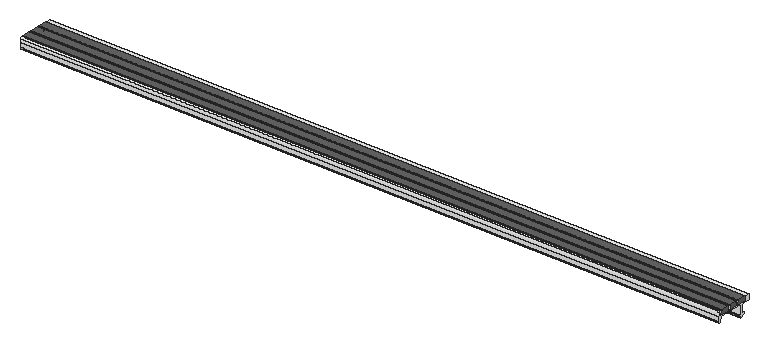
Revit family "Stair_Tread-Wooster-Supergrit_Safety_Treads-121_121BF", category Specialty Equipment, host Face, Revit 2017
Family settings
  Host = Face
  Round Connector Dimension = Use Diameter
  Part Type = Normal
  OmniClass Number = 23.30.70.21.11.11.11
  OmniClass Title = Stair Nosings
  Cut with Voids When Loaded = No
  Shared = No
  Room Calculation Point = No
Parameters (values of type "121BF")
  Width [instance] = 0' - 1 7/8"  # constant formula
  Version = "2017 - v2.0a"  # constant formula
  URL = "http://www.wooster-products.com/"
  Support Phone = "(224) 699-9545"  # constant formula
  Support Email = "mailto:support@anguleris.com"
  Safety Tread [instance] = Filler - Wooster - Black - Abrasive Filler
  Product Page URL = "http://www.woosterproducts.com/products/extruded-aluminum/supergrit/"
  Product Name = "Supergrit Nosings / Warning Strips"  # constant formula
  Product Documentation Link = "http://www.woosterproducts.com/spec/121BF.pdf"
  New Construction = yes
  Model = "121BF"
  Material = ""
  Manufacturer Phone Number = "1-800-321-4936 or 330-264-2844"  # constant formula
  Manufacturer Fax Number = "330-262-4151"  # constant formula
  Manufacturer Email = "mailto:tim@wooster-products.com"
  Manufacturer Address = "1000 Spruce Street, P.O. BOX 6005, Wooster, OH. 44691"  # constant formula
  Manufacturer = "Wooster Productions Inc"  # constant formula
  Length Constraint [instance] = if(Length > 12' 0", 12' 0", Length)  # 3' - 0"
  Length [instance] = 3' - 0"
  Existing Construction = not(New Construction)  # no
  Description = "Anti-Slip Stair Nosing"  # constant formula
  Depth = 0' - 0 1/4"  # constant formula
  Default Elevation = 0' - 0"  # constant formula
  Copyright = "Wooster Products Inc. 2019"  # constant formula
Types (3): name | Product Documentation Link | New Construction | Model | Existing Construction
  (no name) | "http://wooster-products.com/pub/Specs/121.pdf" | no | "121" | yes
  121BF | "http://www.woosterproducts.com/spec/121BF.pdf" | yes | "121BF" | no
  121 | "http://www.woosterproducts.com/spec/121.pdf" | no | "121" | yes
Values of the unnamed type that differ from the named types
  Support Email = ""
  Product Page URL = "http://www.wooster-products.com/Supergrit_Safety_Treads.html"
  Manufacturer Email = ""
Reference planes (in)
  plane 1 "Center (Front/Back)": y = 0
  plane 2: z = 0
  plane 3 "Center (Left/Right)": x = 0
  plane 4 "Left": x = -18
  plane 5 "Right": x = 18
  plane 6 "Back": y = 0.9375
  plane 7 "Front": y = -0.9375
  plane 8 "Bottom": z = -0.23438
  plane 9: z = 0.01562
Forms (in)
  Sweep 1, void
    path origin (0, 22.2862, 0.01562) x (0, 1, 0) y (-1, 0, 0)
      loop
        line (-21.3487, -18) -> (-21.3487, 18)
    profile "Void : Void" origin (0, 0.9375, 0.01562) x (0, -1, 0) y (0, 0, 1)
      loop
        line (0, 0) -> (0, -0.24999) -> (1.70752, -0.24999)
        arc (1.70752, -0.24999) -> (1.75148, -0.26556) -> (1.77593, -0.30527) r 0.07006
        line (1.77593, -0.30527) -> (1.81581, -0.4908) -> (1.87865, -0.4908) -> (1.87865, 0) -> (0, 0)
  Sweep 2, solid, material "Filler - Wooster - Black - Abrasive Filler" <- "Safety Tread"
    path origin (0, 22.2862, 0.01562) x (0, 1, 0) y (-1, 0, 0)
      loop
        line (-21.3487, -18) -> (-21.3487, 18)
    profile "Abrasive Filler : Abrasive Filler" origin (0, 0.9375, 0.01562) x (0, -1, 0) y (0, 0, 1)
      loop
        line (1.28078, -0.18749) -> (1.75378, -0.18749) -> (1.71796, 0.03125) -> (1.31197, 0.03125) -> (1.31197, 0) -> (1.28078, -0.18749)
      loop
        line (0.78098, 0) -> (0.74979, -0.18749) -> (1.21828, -0.18749) -> (1.18697, 0) -> (1.18697, 0.03125) -> (0.78098, 0.03125) -> (0.78098, 0)
      loop
        line (0.21879, -0.18749) -> (0.68729, -0.18749) -> (0.65598, 0) -> (0.65598, 0.03125) -> (0.24998, 0.03125) -> (0.24998, 0) -> (0.21879, -0.18749)
  Sweep 3, solid, material "Metal - Wooster - Extruded Aluminum", visible <- "New Construction"
    path origin (0, 22.2862, 0.01562) x (0, 1, 0) y (-1, 0, 0)
      loop
        line (-21.3487, -18) -> (-21.3487, 18)
    profile "121BF Aluminum Base : 121BF Aluminum Base" origin (0, 0.9375, 0.01562) x (0, -1, 0) y (0, 0, 1)
      loop
        line (0, 0) -> (0, -0.25069) -> (0.35907, -0.25069)
        arc (0.35907, -0.25069) -> (0.40325, -0.269) -> (0.42155, -0.31318) r 0.06248
        line (0.42155, -0.31318) -> (0.42155, -0.77037) -> (0.29956, -0.67283) -> (0.29956, -0.75299) -> (0.45289, -0.87576) -> (0.60905, -0.74675) -> (0.60905, -0.67045) -> (0.48405, -0.77038) -> (0.48405, -0.3132)
        arc (0.48405, -0.3132) -> (0.50236, -0.269) -> (0.54656, -0.25069) r 0.06251
        line (0.54656, -0.25069) -> (1.71736, -0.25069)
        arc (1.71736, -0.25069) -> (1.75521, -0.26879) -> (1.77593, -0.30527) r 0.07006
        line (1.77593, -0.30527) -> (1.80877, -0.45805)
        arc (1.80877, -0.45805) -> (1.84576, -0.4908) -> (1.87865, -0.45393) r 0.035
        line (1.87865, -0.45393) -> (1.87865, -0.24041)
        arc (1.87865, -0.24041) -> (1.86377, -0.13454) -> (1.83106, -0.03275) r 0.6247
        arc (1.83106, -0.03275) -> (1.78398, 0.00806) -> (1.72508, -0.01226) r 0.06235
        line (1.72508, -0.01226) -> (1.75378, -0.18749) -> (1.28078, -0.18749) -> (1.31197, 0) -> (1.18697, 0) -> (1.21828, -0.18749) -> (0.74979, -0.18749) -> (0.78098, 0) -> (0.65598, 0) -> (0.68729, -0.18749) -> (0.21879, -0.18749) -> (0.24998, 0) -> (0, 0)
  Sweep 4, solid, material "Metal - Wooster - Extruded Aluminum", visible <- "Existing Construction"
    path origin (0, 22.2862, 0.01562) x (0, 1, 0) y (-1, 0, 0)
      loop
        line (-21.3487, -18) -> (-21.3487, 18)
    profile "121 Aluminum Base : 121 Aluminum Base" origin (0, 0.9375, 0.01562) x (0, -1, 0) y (0, 0, 1)
      loop
        line (0, 0) -> (0, -0.24999) -> (1.70752, -0.24999)
        arc (1.70752, -0.24999) -> (1.75148, -0.26556) -> (1.77593, -0.30527) r 0.07006
        line (1.77593, -0.30527) -> (1.80877, -0.45805)
        arc (1.80877, -0.45805) -> (1.84576, -0.4908) -> (1.87865, -0.45393) r 0.035
        line (1.87865, -0.45393) -> (1.87865, -0.24041)
        arc (1.87865, -0.24041) -> (1.86377, -0.13454) -> (1.83106, -0.03275) r 0.6247
        arc (1.83106, -0.03275) -> (1.78398, 0.00806) -> (1.72508, -0.01226) r 0.06235
        line (1.72508, -0.01226) -> (1.75378, -0.18749) -> (1.28078, -0.18749) -> (1.31197, 0) -> (1.18697, 0) -> (1.21828, -0.18749) -> (0.74979, -0.18749) -> (0.78098, 0) -> (0.65598, 0) -> (0.68729, -0.18749) -> (0.21879, -0.18749) -> (0.24998, 0) -> (0, 0)
Lines and regions (in)
  Masking region 1
    outline origin (0, 0, 0) x (1, 0, 0) y (0, 1, 0)
      loop
        line (-18, 0.9375) -> (-18, -0.9375) -> (18, -0.9375) -> (18, 0.9375) -> (-18, 0.9375)
Dimensions and locks (in)
  equal spacing: plane 4 "Left", plane 3 "Center (Left/Right)", plane 5 "Right"
  "Length Constraint": plane 4 "Left" to plane 5 "Right"
  equal spacing: plane 7 "Front", plane 1 "Center (Front/Back)", plane 6 "Back"
  "Width": plane 7 "Front" to plane 6 "Back"
  "Depth": plane 9 to plane 8 "Bottom"
  locked: plane 2 to plane 8 "Bottom" at 0.23438
  aligned and locked: plane 2 to host face
  aligned and locked: level to host face
  aligned and locked: plane 4 "Left" to Sweep 1 sketch curve
  aligned and locked: plane 6 "Back" to Sweep 1 sketch curve
  aligned and locked: plane 5 "Right" to Sweep 1 sketch curve
  aligned and locked: plane 4 "Left" to Sweep 2 sketch curve
  aligned and locked: plane 6 "Back" to Sweep 2 sketch curve
  aligned and locked: plane 5 "Right" to Sweep 2 sketch curve
  aligned and locked: plane 5 "Right" to Sweep 3 sketch curve
  aligned and locked: plane 4 "Left" to Sweep 3 sketch curve
  aligned and locked: plane 6 "Back" to Sweep 3 sketch curve
  aligned and locked: plane 6 "Back" to Sweep 4 sketch curve
  aligned and locked: plane 5 "Right" to Sweep 4 sketch curve
  aligned and locked: plane 4 "Left" to Sweep 4 sketch curve
  aligned and locked: plane 4 "Left" to Masking region 1 sketch curve
  aligned and locked: Masking region 1 sketch curve to plane 6 "Back"
  aligned and locked: Masking region 1 sketch curve to plane 7 "Front"
  aligned and locked: plane 5 "Right" to Masking region 1 sketch curve
Automatic sketch dimensions
  host sketch curve to host sketch curve = 8' - 0"
  host sketch curve to host sketch curve = 4' - 0"
